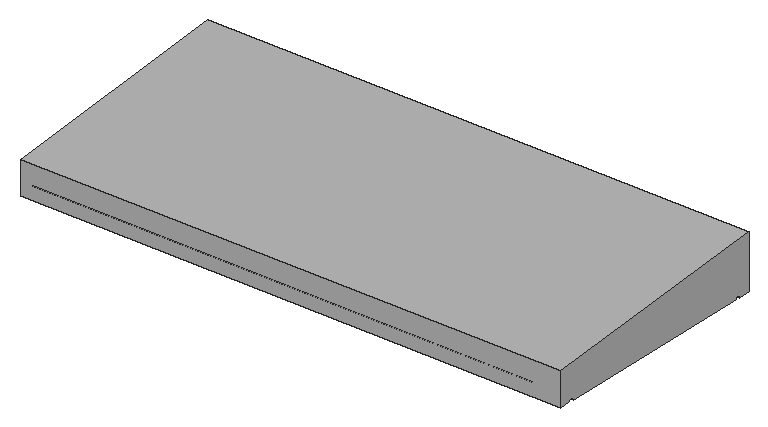
Revit family "WC631 Feather Edge", category Generic Models, Revit 2020
Family settings
  Can host rebar = No
  Round Connector Dimension = Use Diameter
  Part Type = Normal
  Work Plane-Based = No
  Always vertical = Yes
  Cut with Voids When Loaded = No
  Shared = No
  Room Calculation Point = No
Parameters
  Weight = "84Kg"
  Warranty Guarantor Parts = "n/a"
  Warranty Guarantor Labour = "n/a"
  Warranty Duration Unit = "n/a"
  Warranty Duration Parts = "n/a"
  Warranty Duration Labour = "n/a"
  Warranty Description = "n/a"
  Unit Width [instance] = 435 mm
  Unit Length [instance] = 1000 mm
  Unit Height [instance] = 100 mm
  URL = "www.killeshal.com"
  Types = "Single"
  Type Comments = "Visit our website for a full list of available products."
  Sustainability Performance = "n/a"
  Structural Class = "n/a"
  Span = "Unit Length"
  Slope = "0.00°"
  Size = "435mm x 100 to 60mm"
  Shape = "As per drawing"
  Service Life = "0.000000"
  Serial Number = "n/a"
  Resistance to Fire = "n/a"
  Replacement Cost = "n/a"
  Reference = "n/a"
  Notified Body = "n/a"
  Nominal Cover to Main Bar = "n/a"
  Model = "W/C 631 Wall Cap."
  Mechanical Resistance = "n/a"
  Manufacturer = "Killeshal Precast Concrete Ltd."
  Load Bearing = no
  Life Cycle Environmental Load = "n/a"
  Length Options = "Stock size 1000mm."
  Keynote = "The information contained is the sole property of KPC Ltd., any reproduction in part or whole without permission of KPC Ltd. is prohibited."
  Environmental Product Declaration = "n/a"
  Environmental Class = "n/a"
  Durability against Corrosion = "n/a"
  Dimension Accuracy Class = "n/a"
  Detailing = "As per design specification and product drawings."
  Description = "Feather Edge Wall Cap"
  Default Elevation = 0 mm
  Dangerous Substances = "n/a"
  Contact Tel = "0035357 9353018"
  Contact Email = "sales@killeshal.com"
  Construction Type = "Precast"
  Construction Tolerance Class = "n/a"
  Compressive Strength of Concrete = "n/a"
  Characteristics of Reinforcing Steel = "n/a"
  Characteristics Deflection Under Load = "n/a"
Reference planes
  plane 1 "Center (Front/Back)": y = 0
  plane 2: z = 0
  plane 3 "Center (Left/Right)": x = 0
  plane 4 "Rear": y = 217.5
  plane 5 "Front": y = -217.5
  plane 6 "Top": z = 100
  plane 7 "Center L/T": z = 60
Forms (mm)
  Extrusion 1, solid, material "Precast Concrete (KPC)"
    sketch origin (0, 0, 0) x (0, 1, 0) y (0, 0, 1)
      loop
        line (-217.5, 60) -> (-217.5, 0) -> (-197.5, 0)
        arc (-197.5, 0) -> (-192.5, 5) -> (-187.5, 0) r 5
        line (-187.5, 0) -> (187.5, 0)
        arc (187.5, 0) -> (192.5, 5) -> (197.5, 0) r 5
        line (197.5, 0) -> (217.5, 0) -> (217.5, 100) -> (-217.5, 60)
    from 0 to 1000
Dimensions and locks
  "Unit Length": Extrusion 1 to Extrusion 1
  "Unit Width": Extrusion 1 to Extrusion 1
  "Unit Height": Extrusion 1 to plane 6 "Top"
  Extrusion 1 to plane 7 "Center L/T" = 60 mm
  aligned and locked: level to plane 2
Automatic sketch dimensions
  Extrusion 1 sketch curve to plane 5 "Front" = 0 mm
  Extrusion 1 sketch curve to level = 0 mm
  Extrusion 1 sketch curve to plane 4 "Rear" = 0 mm
  Extrusion 1 sketch curve to plane 7 "Center L/T" = 0 mm
  Extrusion 1 sketch curve to plane 6 "Top" = 0 mm
  plane 5 "Front" to Extrusion 1 sketch curve = 20 mm
  Extrusion 1 sketch curve to Extrusion 1 sketch curve = 5 mm  (x2)
  Extrusion 1 sketch curve to Extrusion 1 sketch curve = 30 mm
